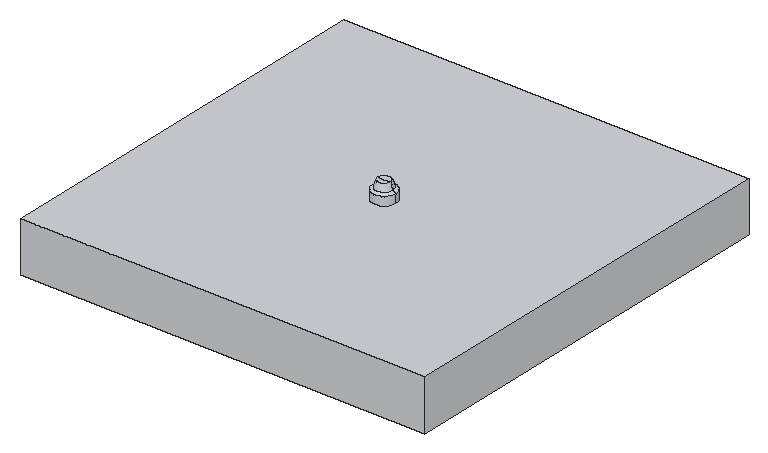
Revit family "M_Detector de fumaça", category Dispositivos de alarme de incêndio, Revit 2019
Family settings
  Hospedeiro = Face
  Manter orientação da anotação = Sim
  Cota do conector redondo = Utilizar diâmetro
  Tipo de parte = Normal
  Número OmniClass = 23.85.30.21.11.11.11
  Título OmniClass = Smoke Detectors
  ID de item do Seek = Smoke Detector-0000-CAN-ENU
  Corte com vazios quando carregada = Não
  Compartilhado = Não
  Ponto de cálculo do ambiente = Não
Parameters (values of type "Amostragem de ar")
  Legenda = "ASD"
  Raio pequeno da extremidade = 38 mm
  Raio da extremidade superior = 51 mm
  Profundidade da extremidade superior = 38 mm
  Elevação-padrão = 1200 mm
  Raio base = 70 mm
  Profundidade da base = 51 mm
Types (5, lengths in mm): name | Legenda
  (no name) | "ASD"
  Simples | ""
  Amostragem de ar | "ASD"
  Ionização | "I"
  Fotoelétrico | "P"
Reference planes
  plane 1 "Centro (Frente/Trás)": y = 0
  plane 2 "Inferior": z = 0
  plane 3 "Centro (Esquerda/Direita)": x = 0
  plane 4: z = 51
  plane 5: z = 63.7
  plane 6: z = 101.7
  plane 7: x = 38
  plane 8: x = 51
  plane 9: x = 70
Forms (mm)
  Extrusion 1, solid
    sketch origin (0, 0, 0) x (1, 0, 0) y (0, 1, 0)
      loop
        line (-1219.2, 1219.2) -> (-1219.2, -1219.2) -> (1219.25, -1219.2) -> (1219.25, 1219.2) -> (-1219.2, 1219.2)
    from 0 to -304.8
  Revolve 2, solid, detail levels fine
    sketch origin (0, 0, 0) x (1, 0, 0) y (0, 0, 1)
      loop
        line (0, 101.7) -> (0, 0) -> (70, 0) -> (70, 51) -> (38, 63.7) -> (51, 63.7) -> (38, 101.7) -> (0, 101.7)
      axis (0, 0) -> (0, 101.7)
    angle from 0 to 360
  Revolve 3, solid, detail levels coarse+medium
    sketch origin (0, 0, 0) x (1, 0, 0) y (0, 0, 1)
      loop
        line (0, 101.7) -> (0, 0) -> (70, 0) -> (70, 101.7) -> (0, 101.7)
      axis (0, 101.7) -> (0, 0)
    angle from 0 to 360
Lines and regions (mm)
  symbolic lines, detail levels fine
    curve 1: circle (0, 0, 0) r 70 normal (0, 0, 1)
Dimensions and locks
  "Profundidade da base": plane 4 to plane 2 "Inferior"
  locked: plane 5 to plane 4 at 12.7
  "Profundidade da extremidade superior": plane 6 to plane 5
  "Raio pequeno da extremidade": plane 7 to plane 3 "Centro (Esquerda/Direita)"
  "Raio da extremidade superior": plane 8 to plane 3 "Centro (Esquerda/Direita)"
  "Raio base": plane 9 to plane 3 "Centro (Esquerda/Direita)"
  "Raio base": radius of curve 1
  aligned and locked: plane 2 "Inferior" to Extrusion 1
  aligned and locked: level to Extrusion 1
  aligned and locked: plane 3 "Centro (Esquerda/Direita)" to Revolve 3 sketch curve
  aligned and locked: Revolve 3 sketch curve to Revolve 2  (x2)
  aligned and locked: Revolve 2 to Revolve 3 sketch curve
  aligned and locked: plane 3 "Centro (Esquerda/Direita)" to Revolve 2 sketch curve
  aligned and locked: plane 1 "Centro (Frente/Trás)" to Revolve 2 sketch curve
  aligned and locked: nested 1 to plane 1 "Centro (Frente/Trás)"
  aligned and locked: nested 1 to plane 3 "Centro (Esquerda/Direita)"
Automatic sketch dimensions
  Revolve 2 sketch curve to plane 3 "Centro (Esquerda/Direita)" = 0 mm
  Revolve 2 sketch curve to plane 6 = 0 mm
  Revolve 2 sketch curve to plane 7 = 0 mm  (x2)
  Revolve 2 sketch curve to plane 5 = 0 mm
  Revolve 2 sketch curve to plane 8 = 0 mm
  Revolve 2 sketch curve to level = 0 mm
  Revolve 2 sketch curve to plane 9 = 0 mm
  Revolve 2 sketch curve to plane 4 = 0 mm
  Revolve 2 sketch curve to plane 4 = 19.05 mm
  plane 6 to Revolve 2 sketch curve = 57.15 mm
  Revolve 3 sketch curve to plane 3 "Centro (Esquerda/Direita)" = 0 mm
  Revolve 3 sketch curve to Revolve 3 sketch curve = 38.1 mm  (x2)
  curve 1 to plane 1 "Centro (Frente/Trás)" = 0 mm
  curve 1 to plane 3 "Centro (Esquerda/Direita)" = 0 mm
  Extrusion 1 sketch curve to Extrusion 1 sketch curve = 2438.45 mm
  Extrusion 1 sketch curve to Extrusion 1 sketch curve = 2438.4 mm
Nested families
  nested 1: "M_Anotação do detector de fumaça" at (0, 0, 0) x (-1, 0, 0) z (0, 0, 1), type "M_Anotação do detector de fumaça"
Connectors
  electrical at (0, 0, 0)
    settings: on Revolve 2, index 1, voltage 0 V, apparent load 0 VA, apparent load phase1 0 VA, apparent load phase2 0 VA, apparent load phase3 0 VA, power factor 1, load classification "Outros", number of poles 1, system type 11, power factor state 1, is connector primary yes, connector utility no, sub classification motor no, connector description ""
Definition of nested family "M_Anotação do detector de fumaça"
  Parameters
    Anotação de legenda = "ASD"
  Reference planes
    plane 1: y = 0
    plane 2: x = 0
  Lines and regions (mm)
    detail lines
      curve 1: circle (0, 0, 0) r 3.969 normal (0, 0, 1)
  Text (mm)
    label "W" at (4.346, -3.526, 0), shows "Anotação de legenda"
    text "S" at (-0.971, 1.939, 0)
  Dimensions and locks
    aligned and locked: plane 2 to curve 1
    aligned and locked: plane 1 to curve 1
